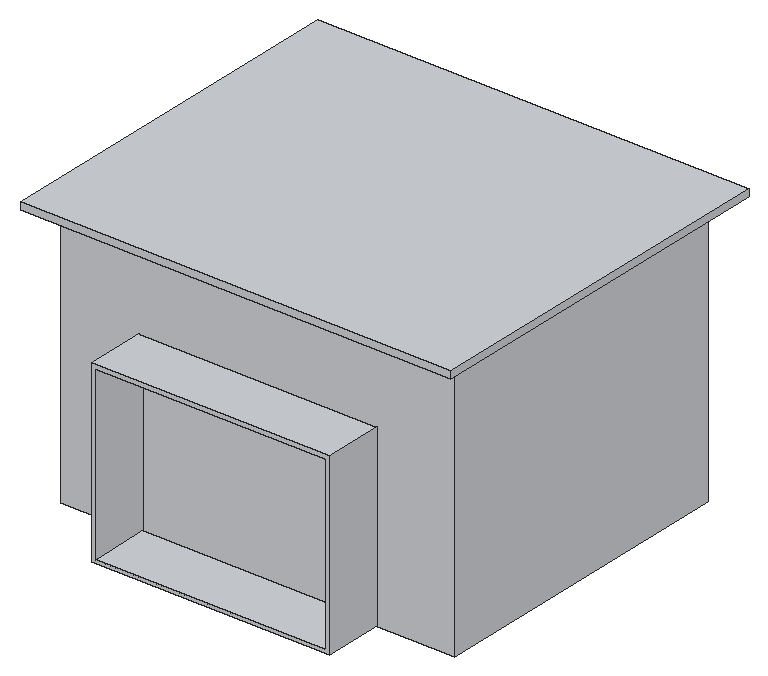
Revit family "TF-1", category Mechanical Equipment, host Face, Revit 2025
Family settings
  Host = Face
  Round Connector Dimension = Use Diameter
  Classification = None
  Part Type = Normal
  Cut with Voids When Loaded = Yes
  Maintain Annotation Orientation = Yes
  Shared = No
  Room Calculation Point = No
Parameters (values of type "TF-1")
  g_t = 1/8"
  g_H = 1/4"
  g_B = 14 1/2"
  g_A = 12 1/2"
  URL = "https://www.greenheck.com/shop/browse-by-product-model/ceiling-exhaust-fans/sp-a/sp-a125"
  Model = "SP-A125"
  Manufacturer = "GREENHECK"
  E = 6"
  Default Elevation = 48"
  D = 8"
  C = 9"
  B = 10 5/8"
  A = 13 1/4"
Reference planes (in)
  plane 1 "Center (Front/Back)": y = 0
  plane 2: z = 0
  plane 3 "Center (Left/Right)": x = 0
  plane 4: z = -9
  plane 5: z = 0.25
  plane 6 "A Face": y = -5.3125
  plane 7: y = -7.3125
Forms (in)
  Extrusion 1, solid
    sketch origin (0, 0, 0) x (1, 0, 0) y (0, 1, 0)
      loop
        line (-6.625, 5.3125) -> (-6.625, -5.3125) -> (6.625, -5.3125) -> (6.625, 5.3125) -> (-6.625, 5.3125)
    from 0 to -9
  Extrusion 2, solid
    sketch origin (0, 0, 0) x (1, 0, 0) y (0, 1, 0)
      loop
        line (-7.25, 6.25) -> (-7.25, -6.25) -> (7.25, -6.25) -> (7.25, 6.25) -> (-7.25, 6.25)
    from 0 to 0.25
  Extrusion 3, solid
    sketch origin (0, -5.3125, 0) x (-1, 0, 0) y (0, 0, 1)
      loop
        line (4, -9) -> (4, -3) -> (-4, -3) -> (-4, -9) -> (4, -9)
      loop
        line (3.875, -3.125) -> (-3.875, -3.125) -> (-3.875, -8.875) -> (3.875, -8.875) -> (3.875, -3.125)
    from 0 to -2
Dimensions and locks (in)
  equal spacing: Extrusion 1 sketch curve, plane 3 "Center (Left/Right)", Extrusion 1 sketch curve
  equal spacing: Extrusion 1 sketch curve, plane 1 "Center (Front/Back)", Extrusion 1 sketch curve
  "B": Extrusion 1 sketch curve to Extrusion 1 sketch curve
  "A": Extrusion 1 sketch curve to Extrusion 1 sketch curve
  "C": plane 2 to plane 4
  equal spacing: Extrusion 2 sketch curve, plane 3 "Center (Left/Right)", Extrusion 2 sketch curve
  equal spacing: Extrusion 2 sketch curve, plane 1 "Center (Front/Back)", Extrusion 2 sketch curve
  "g_A": Extrusion 2 sketch curve to Extrusion 2 sketch curve
  "g_B": Extrusion 2 sketch curve to Extrusion 2 sketch curve
  "g_H": plane 5 to plane 2
  equal spacing: Extrusion 3 sketch curve, plane 3 "Center (Left/Right)", Extrusion 3 sketch curve
  "D": Extrusion 3 sketch curve to Extrusion 3 sketch curve
  "E": Extrusion 3 sketch curve to plane 4
  "g_t": Extrusion 3 sketch curve to Extrusion 3 sketch curve  (x3)
  "g_t": Extrusion 3 sketch curve to plane 4
  plane 6 "A Face" to plane 7 = 2"
  aligned and locked: plane 2 to host face
  aligned and locked: level to host face
  aligned and locked: plane 4 to Extrusion 1
  aligned and locked: plane 5 to Extrusion 2
  aligned and locked: plane 6 "A Face" to Extrusion 1
  aligned and locked: Extrusion 3 sketch curve to plane 4
  aligned and locked: Extrusion 3 to plane 7
Automatic sketch dimensions
  host sketch curve to host sketch curve = 96"  (x2)
